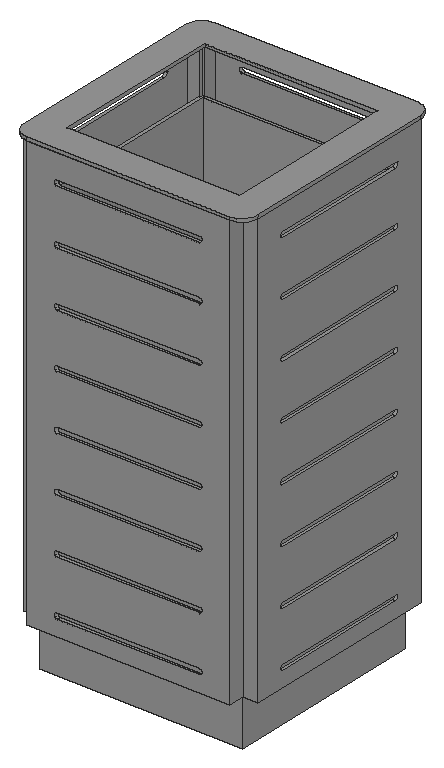
Revit family "15163 Урна «Мегаполис» Хоббика", category Антураж, Revit 2018
Family settings
  На основе рабочей плоскости = Нет
  Всегда вертикально = Да
  При загрузке вырезать с полостями = Нет
  Источник визуального образа = Геометрия семейства
  Общий = Нет
  Точка расчета площади = Нет
Parameters (values of type "Урна «Мегаполис»")
  Ширина = 380 mm  # constant formula
  Цвет урны = Сталь
  Описание = "Урна «Мегаполис»"  # constant formula
  Материал изделия = "Сталь"  # constant formula
  Изображение типоразмера = Урна «Мегаполис» Арт 15163.jpg
  Изготовитель = "ООО «Хоббика»"  # constant formula
  Длина = 380 mm  # constant formula
  Группа модели = "Уличные урны"  # constant formula
  Высота = 785 mm  # constant formula
  Артикул товара = "Арт. 15163"  # constant formula
  URL = "https://hobbyka.ru/product/urna_megapolis/"
Reference planes
  plane 1 "По центру (Вперед/Назад)": y = 0
  plane 2: z = 0
  plane 3 "По центру (Влево/Вправо)": x = 0
  plane 4: x = 380
  plane 5: y = 380
  plane 6: z = 785
Forms (mm)
  Extrusion 1, solid, material "Сталь" <- "Цвет урны"
    sketch origin (0, 0, 0) x (1, 0, 0) y (0, 1, 0)
      loop
        arc (25, 380) -> (7.322, 372.678) -> (0, 355) r 25
        line (0, 355) -> (0, 25)
        arc (0, 25) -> (7.322, 7.322) -> (25, 0) r 25
        line (25, 0) -> (355, 0)
        arc (355, 0) -> (372.678, 7.322) -> (380, 25) r 25
        line (380, 25) -> (380, 355)
        arc (380, 355) -> (372.678, 372.678) -> (355, 380) r 25
        line (355, 380) -> (25, 380)
      loop
        line (50, 330) -> (50, 50) -> (330, 50) -> (330, 330) -> (50, 330)
    from 780 to 785
  Extrusion 2, solid, material "Сталь" <- "Цвет урны"
    sketch origin (0, 0, 0) x (1, 0, 0) y (0, 1, 0)
      loop
        line (30, 350) -> (30, 30) -> (350, 30) -> (350, 350) -> (30, 350)
      loop
        line (25, 355) -> (25, 25) -> (355, 25) -> (355, 355) -> (25, 355)
    from 0 to 690
  Extrusion 3, solid, material "Сталь" <- "Цвет урны"
    sketch origin (0, 0, 0) x (1, 0, 0) y (0, 1, 0)
      loop
        line (30, 350) -> (30, 30) -> (350, 30) -> (350, 350) -> (30, 350)
    from 0 to 5
  Extrusion 4, solid, material "Сталь" <- "Цвет урны"
    sketch origin (0, 0, 0) x (1, 0, 0) y (0, 1, 0)
      loop
        line (25, 380) -> (25, 355) -> (30, 355) -> (30, 375) -> (350, 375) -> (350, 355) -> (355, 355) -> (355, 380) -> (25, 380)
      loop
        line (25, 0) -> (355, 0) -> (355, 25) -> (350, 25) -> (350, 5) -> (30, 5) -> (30, 25) -> (25, 25) -> (25, 0)
    from 75 to 780
  Extrusion 5, solid, material "Сталь" <- "Цвет урны"
    sketch origin (0, 0, 0) x (1, 0, 0) y (0, 1, 0)
      loop
        line (0, 25) -> (25, 25) -> (25, 30) -> (5, 30) -> (5, 350) -> (25, 350) -> (25, 355) -> (0, 355) -> (0, 25)
      loop
        line (380, 25) -> (380, 355) -> (355, 355) -> (355, 350) -> (375, 350) -> (375, 30) -> (355, 30) -> (355, 25) -> (380, 25)
    from 75 to 780
  Extrusion 6, void
    sketch origin (0, 0, 0) x (0, 1, 0) y (0, 0, 1)
      loop
        arc (75, 740) -> (70, 735) -> (75, 730) r 5
        line (75, 730) -> (305, 730)
        arc (305, 730) -> (310, 735) -> (305, 740) r 5
        line (305, 740) -> (75, 740)
      loop
        arc (75, 650) -> (70, 645) -> (75, 640) r 5
        line (75, 640) -> (305, 640)
        arc (305, 640) -> (310, 645) -> (305, 650) r 5
        line (305, 650) -> (75, 650)
      loop
        arc (75, 560) -> (70, 555) -> (75, 550) r 5
        line (75, 550) -> (305, 550)
        arc (305, 550) -> (310, 555) -> (305, 560) r 5
        line (305, 560) -> (75, 560)
      loop
        arc (75, 470) -> (70, 465) -> (75, 460) r 5
        line (75, 460) -> (305, 460)
        arc (305, 460) -> (310, 465) -> (305, 470) r 5
        line (305, 470) -> (75, 470)
      loop
        arc (75, 380) -> (70, 375) -> (75, 370) r 5
        line (75, 370) -> (305, 370)
        arc (305, 370) -> (310, 375) -> (305, 380) r 5
        line (305, 380) -> (75, 380)
      loop
        arc (75, 290) -> (70, 285) -> (75, 280) r 5
        line (75, 280) -> (305, 280)
        arc (305, 280) -> (310, 285) -> (305, 290) r 5
        line (305, 290) -> (75, 290)
      loop
        arc (75, 200) -> (70, 195) -> (75, 190) r 5
        line (75, 190) -> (305, 190)
        arc (305, 190) -> (310, 195) -> (305, 200) r 5
        line (305, 200) -> (75, 200)
      loop
        arc (75, 110) -> (70, 105) -> (75, 100) r 5
        line (75, 100) -> (305, 100)
        arc (305, 100) -> (310, 105) -> (305, 110) r 5
        line (305, 110) -> (75, 110)
    from 0 to 5
  Extrusion 7, void
    sketch origin (380, 0, 0) x (0, 1, 0) y (0, 0, -1)
      loop
        line (75, -740) -> (305, -740)
        arc (305, -740) -> (310, -735) -> (305, -730) r 5
        line (305, -730) -> (75, -730)
        arc (75, -730) -> (70, -735) -> (75, -740) r 5
      loop
        line (75, -650) -> (305, -650)
        arc (305, -650) -> (310, -645) -> (305, -640) r 5
        line (305, -640) -> (75, -640)
        arc (75, -640) -> (70, -645) -> (75, -650) r 5
      loop
        line (75, -560) -> (305, -560)
        arc (305, -560) -> (310, -555) -> (305, -550) r 5
        line (305, -550) -> (75, -550)
        arc (75, -550) -> (70, -555) -> (75, -560) r 5
      loop
        line (75, -470) -> (305, -470)
        arc (305, -470) -> (310, -465) -> (305, -460) r 5
        line (305, -460) -> (75, -460)
        arc (75, -460) -> (70, -465) -> (75, -470) r 5
      loop
        line (75, -380) -> (305, -380)
        arc (305, -380) -> (310, -375) -> (305, -370) r 5
        line (305, -370) -> (75, -370)
        arc (75, -370) -> (70, -375) -> (75, -380) r 5
      loop
        line (75, -290) -> (305, -290)
        arc (305, -290) -> (310, -285) -> (305, -280) r 5
        line (305, -280) -> (75, -280)
        arc (75, -280) -> (70, -285) -> (75, -290) r 5
      loop
        line (75, -200) -> (305, -200)
        arc (305, -200) -> (310, -195) -> (305, -190) r 5
        line (305, -190) -> (75, -190)
        arc (75, -190) -> (70, -195) -> (75, -200) r 5
      loop
        line (75, -110) -> (305, -110)
        arc (305, -110) -> (310, -105) -> (305, -100) r 5
        line (305, -100) -> (75, -100)
        arc (75, -100) -> (70, -105) -> (75, -110) r 5
    from 0 to 5
  Extrusion 8, void
    sketch origin (380, 0, 0) x (-1, 0, 0) y (0, 0, 1)
      loop
        arc (75, 740) -> (70, 735) -> (75, 730) r 5
        line (75, 730) -> (305, 730)
        arc (305, 730) -> (310, 735) -> (305, 740) r 5
        line (305, 740) -> (75, 740)
      loop
        arc (75, 650) -> (70, 645) -> (75, 640) r 5
        line (75, 640) -> (305, 640)
        arc (305, 640) -> (310, 645) -> (305, 650) r 5
        line (305, 650) -> (75, 650)
      loop
        arc (75, 560) -> (70, 555) -> (75, 550) r 5
        line (75, 550) -> (305, 550)
        arc (305, 550) -> (310, 555) -> (305, 560) r 5
        line (305, 560) -> (75, 560)
      loop
        arc (75, 470) -> (70, 465) -> (75, 460) r 5
        line (75, 460) -> (305, 460)
        arc (305, 460) -> (310, 465) -> (305, 470) r 5
        line (305, 470) -> (75, 470)
      loop
        arc (75, 380) -> (70, 375) -> (75, 370) r 5
        line (75, 370) -> (305, 370)
        arc (305, 370) -> (310, 375) -> (305, 380) r 5
        line (305, 380) -> (75, 380)
      loop
        arc (75, 290) -> (70, 285) -> (75, 280) r 5
        line (75, 280) -> (305, 280)
        arc (305, 280) -> (310, 285) -> (305, 290) r 5
        line (305, 290) -> (75, 290)
      loop
        arc (75, 200) -> (70, 195) -> (75, 190) r 5
        line (75, 190) -> (305, 190)
        arc (305, 190) -> (310, 195) -> (305, 200) r 5
        line (305, 200) -> (75, 200)
      loop
        arc (75, 110) -> (70, 105) -> (75, 100) r 5
        line (75, 100) -> (305, 100)
        arc (305, 100) -> (310, 105) -> (305, 110) r 5
        line (305, 110) -> (75, 110)
    from 0 to 5
  Extrusion 9, void
    sketch origin (380, 380, 0) x (-1, 0, 0) y (0, 0, -1)
      loop
        line (75, -740) -> (305, -740)
        arc (305, -740) -> (310, -735) -> (305, -730) r 5
        line (305, -730) -> (75, -730)
        arc (75, -730) -> (70, -735) -> (75, -740) r 5
      loop
        line (75, -650) -> (305, -650)
        arc (305, -650) -> (310, -645) -> (305, -640) r 5
        line (305, -640) -> (75, -640)
        arc (75, -640) -> (70, -645) -> (75, -650) r 5
      loop
        line (75, -560) -> (305, -560)
        arc (305, -560) -> (310, -555) -> (305, -550) r 5
        line (305, -550) -> (75, -550)
        arc (75, -550) -> (70, -555) -> (75, -560) r 5
      loop
        line (75, -470) -> (305, -470)
        arc (305, -470) -> (310, -465) -> (305, -460) r 5
        line (305, -460) -> (75, -460)
        arc (75, -460) -> (70, -465) -> (75, -470) r 5
      loop
        line (75, -380) -> (305, -380)
        arc (305, -380) -> (310, -375) -> (305, -370) r 5
        line (305, -370) -> (75, -370)
        arc (75, -370) -> (70, -375) -> (75, -380) r 5
      loop
        line (75, -290) -> (305, -290)
        arc (305, -290) -> (310, -285) -> (305, -280) r 5
        line (305, -280) -> (75, -280)
        arc (75, -280) -> (70, -285) -> (75, -290) r 5
      loop
        line (75, -200) -> (305, -200)
        arc (305, -200) -> (310, -195) -> (305, -190) r 5
        line (305, -190) -> (75, -190)
        arc (75, -190) -> (70, -195) -> (75, -200) r 5
      loop
        line (75, -110) -> (305, -110)
        arc (305, -110) -> (310, -105) -> (305, -100) r 5
        line (305, -100) -> (75, -100)
        arc (75, -100) -> (70, -105) -> (75, -110) r 5
    from 0 to 5
Cuts and joins
  joined: Extrusion 2, Extrusion 3
  Extrusion 6, Extrusion 7, Extrusion 8, Extrusion 9 cuts Extrusion 5
  Extrusion 8, Extrusion 9 cuts Extrusion 4
Dimensions and locks
  "Ширина": plane 5 to plane 1 "По центру (Вперед/Назад)"
  "Длина": plane 3 "По центру (Влево/Вправо)" to plane 4
  "Высота": plane 6 to plane 2
  aligned and locked: level to plane 2
Automatic sketch dimensions
  Extrusion 1 sketch curve to plane 3 "По центру (Влево/Вправо)" = 0 mm
  plane 1 "По центру (Вперед/Назад)" to Extrusion 1 sketch curve = 0 mm
  Extrusion 1 sketch curve to plane 5 = 0 mm
  Extrusion 1 sketch curve to plane 4 = 0 mm
  plane 3 "По центру (Влево/Вправо)" to Extrusion 1 sketch curve = 25 mm  (x2)
  Extrusion 1 sketch curve to Extrusion 1 sketch curve = 25 mm  (x3)
  Extrusion 1 sketch curve to plane 4 = 50 mm
  Extrusion 1 sketch curve to plane 1 "По центру (Вперед/Назад)" = 25 mm
  Extrusion 1 sketch curve to plane 4 = 25 mm
  plane 3 "По центру (Влево/Вправо)" to Extrusion 2 sketch curve = 25 mm
  Extrusion 2 sketch curve to Extrusion 2 sketch curve = 5 mm  (x4)
  Extrusion 2 sketch curve to plane 4 = 30 mm
  Extrusion 2 sketch curve to plane 1 "По центру (Вперед/Назад)" = 25 mm
  Extrusion 2 sketch curve to plane 5 = 30 mm
  plane 3 "По центру (Влево/Вправо)" to Extrusion 3 sketch curve = 30 mm
  Extrusion 3 sketch curve to plane 4 = 30 mm
  Extrusion 3 sketch curve to plane 1 "По центру (Вперед/Назад)" = 30 mm
  Extrusion 3 sketch curve to plane 5 = 30 mm
  Extrusion 4 sketch curve to plane 5 = 0 mm
  plane 1 "По центру (Вперед/Назад)" to Extrusion 4 sketch curve = 0 mm
  plane 3 "По центру (Влево/Вправо)" to Extrusion 4 sketch curve = 25 mm  (x2)
  Extrusion 4 sketch curve to Extrusion 4 sketch curve = 5 mm  (x4)
  Extrusion 4 sketch curve to plane 5 = 5 mm
  Extrusion 4 sketch curve to plane 4 = 30 mm  (x2)
  Extrusion 4 sketch curve to plane 1 "По центру (Вперед/Назад)" = 5 mm
  Extrusion 4 sketch curve to Extrusion 4 sketch curve = 20 mm  (x4)
  Extrusion 5 sketch curve to plane 3 "По центру (Влево/Вправо)" = 0 mm
  Extrusion 5 sketch curve to plane 4 = 0 mm
  plane 3 "По центру (Влево/Вправо)" to Extrusion 5 sketch curve = 5 mm
  Extrusion 5 sketch curve to Extrusion 5 sketch curve = 20 mm  (x2)
  Extrusion 5 sketch curve to plane 4 = 25 mm  (x2)
  Extrusion 5 sketch curve to plane 4 = 5 mm
  Extrusion 5 sketch curve to plane 1 "По центру (Вперед/Назад)" = 25 mm  (x2)
  Extrusion 5 sketch curve to Extrusion 5 sketch curve = 5 mm  (x4)
  Extrusion 5 sketch curve to plane 5 = 30 mm  (x2)
  Extrusion 6 sketch curve to plane 6 = 45 mm
  Extrusion 6 sketch curve to plane 1 "По центру (Вперед/Назад)" = 75 mm  (x8)
  Extrusion 6 sketch curve to plane 5 = 75 mm  (x8)
  Extrusion 6 sketch curve to Extrusion 6 sketch curve = 5 mm  (x8)
  Extrusion 6 sketch curve to Extrusion 6 sketch curve = 80 mm  (x7)
  Extrusion 6 sketch curve to Extrusion 6 sketch curve = 0 mm  (x2)
  Extrusion 7 sketch curve to plane 6 = 45 mm
  Extrusion 7 sketch curve to plane 1 "По центру (Вперед/Назад)" = 75 mm  (x8)
  Extrusion 7 sketch curve to plane 5 = 75 mm  (x8)
  Extrusion 7 sketch curve to Extrusion 7 sketch curve = 5 mm  (x8)
  Extrusion 7 sketch curve to Extrusion 7 sketch curve = 80 mm  (x7)
  Extrusion 7 sketch curve to Extrusion 7 sketch curve = 0 mm  (x2)
  Extrusion 8 sketch curve to plane 6 = 45 mm
  Extrusion 8 sketch curve to plane 4 = 75 mm  (x8)
  plane 3 "По центру (Влево/Вправо)" to Extrusion 8 sketch curve = 75 mm  (x8)
  Extrusion 8 sketch curve to Extrusion 8 sketch curve = 5 mm  (x8)
  Extrusion 8 sketch curve to Extrusion 8 sketch curve = 80 mm  (x7)
  Extrusion 8 sketch curve to Extrusion 8 sketch curve = 0 mm  (x2)
  Extrusion 9 sketch curve to plane 6 = 45 mm
  Extrusion 9 sketch curve to plane 4 = 75 mm  (x8)
  plane 3 "По центру (Влево/Вправо)" to Extrusion 9 sketch curve = 75 mm  (x8)
  Extrusion 9 sketch curve to Extrusion 9 sketch curve = 5 mm  (x8)
  Extrusion 9 sketch curve to Extrusion 9 sketch curve = 80 mm  (x7)
  Extrusion 9 sketch curve to Extrusion 9 sketch curve = 0 mm  (x2)
